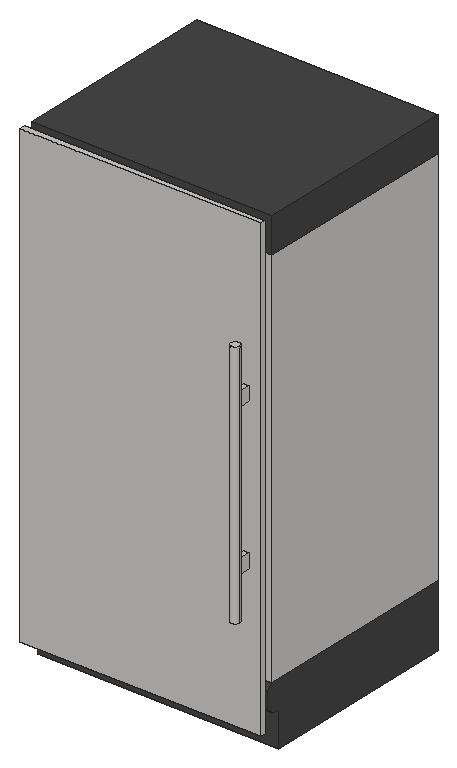
Revit family "Refrigerator", category Specialty Equipment, Revit 2023
Family settings
  Round Connector Dimension = Use Diameter
  Part Type = Normal
  OmniClass Number = 23.40.40.14
  OmniClass Title = Food Service Equipment
  Work Plane-Based = No
  Enable Cutting in Views = No
  Always vertical = Yes
  Cut with Voids When Loaded = No
  Maintain Annotation Orientation = No
  Shared = Yes
  Room Calculation Point = No
Parameters (values of type "35" x 32" RH")
  Wall Offset = 0' - 4"
  Voltage = 120 V
  URL = ""
  Type Comments = ""
  Show Label = yes
  RH = no
  Power Consumption = 1000 VA
  Model = ""
  Mechanical Finish = Appliance - Steel - Black
  Manufacturer = ""
  Label = "REF."
  LH = not(RH)  # yes
  Keynote = ""
  Handle Centerline = if(RH, 0' 2", (Width - 0' 2"))  # 2' - 8 1/2"
  Gasket = Appliance - Gasket
  Description = "Refrigerator"
  Default Elevation = 0' - 0"
  Cost = 0
  Assembly Code = "E1090400"
  Depth = 2' - 7 3/4"
  Height = 5' - 10"
  Width = 2' - 10 1/2"
  Appliance Finish = Appliance - Stainless Steel
  Amperage = Power Consumption / Voltage  # 8.33333 A
Types (8): name | Show Label | RH | Label | LH | Handle Centerline | Assembly Code | Depth | Height | Width
  35" x 32" RH | yes | no | "REF." | yes | 2' - 8 1/2" | "E1090400" | 2' - 7 3/4" | 5' - 10" | 2' - 10 1/2"
  35" x 32" LH | yes | no | "REF." | yes | 2' - 8 1/2" | "E1090400" | 2' - 7 3/4" | 5' - 10" | 2' - 10 1/2"
  24" x 25" RH | yes | no | "REF." | yes | 1' - 9 1/2" | "E1090400" | 2' - 0 3/4" | 5' - 3 1/2" | 1' - 11 1/2"
  24" x 25" LH | yes | no | "REF." | yes | 1' - 9 1/2" | "E1090400" | 2' - 0 3/4" | 5' - 3 1/2" | 1' - 11 1/2"
  30" x 32" LH | yes | no | "REF." | yes | 2' - 3 3/8" | "E1090400" | 2' - 7 3/4" | 5' - 10" | 2' - 5 3/8"
  30" x 32" RH | yes | no | "REF." | yes | 2' - 3 3/8" | "E1090400" | 2' - 7 3/4" | 5' - 10" | 2' - 5 3/8"
  36" LH | yes | no | "Refrigerator" | yes | 2' - 10" | "E1090320" | 2' - 0" | 7' - 0" | 3' - 0"
  30" RH | no | yes | "Refrigerator" | no | 0' - 2" | "E1090320" | 2' - 0" | 7' - 0" | 2' - 6"
Reference planes (in)
  plane 1 "Back": y = 0
  plane 2: z = 0
  plane 3 "Center (Left/Right)": x = 0
  plane 4 "Left": x = -17.25
  plane 5 "Right": x = 17.25
  plane 6: y = -4
  plane 7 "Front": y = -35.75
  plane 8 "Door Back": y = -33.75
  plane 9 "Top": z = 70
  plane 10 "B.O. Door": z = 4
  plane 11: z = 65
  plane 12: x = 15.25
  plane 13: z = 54.5
  plane 14: z = 19
  plane 15 "Door Interior Bottom": z = 10
Forms (in)
  Extrusion 1, solid, material "Appliance - Stainless Steel" <- "Appliance Finish"
    sketch origin (0, 0, 0) x (1, 0, 0) y (0, 1, 0)
      loop
        line (-17.25, -4) -> (-17.25, -33.75) -> (17.25, -33.75) -> (17.25, -4) -> (-17.25, -4)
    from 10 to 65
  Extrusion 2, solid, material "Appliance - Stainless Steel" <- "Appliance Finish", detail levels fine
    sketch origin (0, -35.75, 0) x (-1, 0, 0) y (0, 0, 1)
      loop
        line (-14.875, 48.5) -> (-15.625, 48.5) -> (-15.625, 46.5) -> (-14.875, 46.5) -> (-14.875, 48.5)
      loop
        line (-14.875, 27) -> (-15.625, 27) -> (-15.625, 25) -> (-14.875, 25) -> (-14.875, 27)
    from -1.67554 to 0
  Extrusion 3, solid, material "Appliance - Stainless Steel" <- "Appliance Finish", detail levels fine
    sketch origin (0, 0, 0) x (1, 0, 0) y (0, 1, 0)
      loop
        circle (15.25, -37.76473) r 0.625
    from 19 to 54.5
  Extrusion 4, solid, material "Appliance - Stainless Steel" <- "Appliance Finish"
    sketch origin (0, -35.75, 0) x (-1, 0, 0) y (0, 0, 1)
      loop
        line (17.25, 70) -> (-17.25, 70) -> (-17.25, 4) -> (17.25, 4) -> (17.25, 70)
    from 0 to 0.75
  Extrusion 5, solid, material "Appliance - Steel - Black" <- "Mechanical Finish"
    sketch origin (0, 0, 0) x (0, 1, 0) y (0, 0, 1)
      loop
        line (-4, 10) -> (-33.75, 10) -> (-34.5, 9.25) -> (-34.5, 6.875) -> (-33.625, 6) -> (-32.5, 6) -> (-32.5, 1) -> (-4, 1) -> (-4, 10)
      loop
        line (-4, 70) -> (-33.75, 70) -> (-33.75, 65) -> (-4, 65) -> (-4, 70)
    from -17.25 to 17.25
  Extrusion 6, solid, material "Appliance - Gasket" <- "Gasket"
    sketch origin (0, 0, 10) x (-1, 0, 0) y (0, -1, 0)
      loop
        line (16.75, 35) -> (-16.75, 35) -> (-16.75, 34.8125)
        arc (-16.75, 34.8125) -> (-16.73169, 34.76831) -> (-16.6875, 34.75) r 0.0625
        line (-16.6875, 34.75) -> (-16.5625, 34.75)
        arc (-16.5625, 34.75) -> (-16.51831, 34.73169) -> (-16.5, 34.6875) r 0.0625
        line (-16.5, 34.6875) -> (-16.5, 34.0625)
        arc (-16.5, 34.0625) -> (-16.48169, 34.01831) -> (-16.4375, 34) r 0.0625
        line (-16.4375, 34) -> (-16.25, 34)
        arc (-16.25, 34) -> (-16.375, 33.875) -> (-16.25, 33.75) r 0.125
        line (-16.25, 33.75) -> (16.25, 33.75)
        arc (16.25, 33.75) -> (16.375, 33.875) -> (16.25, 34) r 0.125
        line (16.25, 34) -> (16.4375, 34)
        arc (16.4375, 34) -> (16.48169, 34.01831) -> (16.5, 34.0625) r 0.0625
        line (16.5, 34.0625) -> (16.5, 34.6875)
        arc (16.5, 34.6875) -> (16.51831, 34.73169) -> (16.5625, 34.75) r 0.0625
        line (16.5625, 34.75) -> (16.6875, 34.75)
        arc (16.6875, 34.75) -> (16.73169, 34.76831) -> (16.75, 34.8125) r 0.0625
        line (16.75, 34.8125) -> (16.75, 35)
    from 0 to 55
Cuts and joins
  joined: Extrusion 2, Extrusion 3
Lines and regions (in)
  Split face 1
    outline origin (-17.25, -4, 0) x (1, 0, 0) y (0, 0, -1)
      loop
        circle (17.25, -19) r 0.5
  Masking region 1
    outline origin (0, 0, 0) x (1, 0, 0) y (0, 1, 0)
      loop
        line (-17.25, -4) -> (-17.25, -35.75) -> (17.25, -35.75) -> (17.25, -4) -> (-17.25, -4)
  Masking region 2, detail levels fine
    outline origin (0, 0, 0) x (1, 0, 0) y (0, 1, 0)
      loop
        line (15.625, -37.26473) -> (15.625, -35.75) -> (14.875, -35.75) -> (14.875, -37.26473)
        arc (14.875, -37.26473) -> (14.69098, -37.48522) -> (14.625, -37.76473) r 0.625
        arc (14.625, -37.76473) -> (15.25, -38.38973) -> (15.875, -37.76473) r 0.625
        arc (15.875, -37.76473) -> (15.80902, -37.48522) -> (15.625, -37.26473) r 0.625
  Split face 2
    outline origin (-17.25, -4, 0) x (1, 0, 0) y (0, 0, -1)
      loop
        circle (25.5, -54.5) r 0.5
  symbolic lines, style "Appliances - Plan Swing", visible <- "LH", detail levels medium+fine
    curve 1: arc (17.25, -35.75, 0) -> (7.14518, -60.14518, 0) -> (-17.25, -70.25, 0) r 34.5
    curve 2: line (-17.25, -35.75, 0) -> (-17.25, -70.25, 0)
  symbolic lines, style "Appliances - Plan Swing", visible <- "RH", detail levels medium+fine
    curve 3: arc (-17.25, -35.75, 0) -> (-7.14518, -60.14518, 0) -> (17.25, -70.25, 0) r 34.5
    curve 4: line (17.25, -70.25, 0) -> (17.25, -35.75, 0)
  symbolic lines, style "Appliances"
    curve 5: line (-17.25, -4, 0) -> (17.25, -4, 0)
    curve 6: line (-17.25, -35.75, 0) -> (-17.25, -4, 0)
    curve 7: line (17.25, -35.75, 0) -> (-17.25, -35.75, 0)
    curve 8: line (17.25, -4, 0) -> (17.25, -35.75, 0)
    curve 9: line (-17.25, -33.75, 0) -> (17.25, -33.75, 0)
  symbolic lines, style "Appliances", detail levels fine
    curve 10: arc (15.875, -37.76473, 0) -> (15.25, -37.13973, 0) -> (14.625, -37.76473, 0) r 0.625
    curve 11: arc (14.625, -37.76473, 0) -> (15.25, -38.38973, 0) -> (15.875, -37.76473, 0) r 0.625
    curve 12: line (15.625, -37.26473, 0) -> (15.625, -35.75, 0)
    curve 13: line (14.875, -35.75, 0) -> (14.875, -37.26473, 0)
Dimensions and locks (in)
  equal spacing: plane 4 "Left", plane 3 "Center (Left/Right)", plane 5 "Right"
  "Width": plane 4 "Left" to plane 5 "Right"
  "Depth": plane 6 to plane 7 "Front"
  "Wall Offset": plane 1 "Back" to plane 6
  "Height": plane 9 "Top" to level
  plane 10 "B.O. Door" to level = 0' - 4"
  locked: plane 8 "Door Back" to plane 7 "Front" at 2
  plane 9 "Top" to plane 11 = 0' - 5"
  locked: plane 11 to plane 13 at 10.5
  locked: plane 14 to plane 10 "B.O. Door" at 15
  Extrusion 2 sketch curve to plane 12 to Extrusion 2 sketch curve = 0' - 0 3/8" locked, 0' - 0 3/8" locked  (x2)
  plane 13 to Extrusion 2 sketch curve to Extrusion 2 sketch curve = 0' - 6" locked, 0' - 2" locked
  Extrusion 2 sketch curve to Extrusion 2 sketch curve to plane 14 = 0' - 2" locked, 0' - 6" locked
  locked: plane 7 "Front" to Extrusion 3 sketch curve at 2.01473
  "Handle Centerline": plane 4 "Left" to plane 12
  equal spacing: plane 6, nested 1, plane 8 "Door Back"
  locked: plane 15 "Door Interior Bottom" to level at 10
  Extrusion 5 sketch curve to plane 10 "B.O. Door" to Extrusion 5 sketch curve = 0' - 2" locked, 0' - 3" locked
  Extrusion 5 sketch curve to plane 8 "Door Back" to Extrusion 5 sketch curve = 0' - 1 1/4" locked, 0' - 0 3/4" locked
  "Width": radius of curve 3
  "Width": radius of curve 1
  aligned and locked: plane 2 to level
  aligned and locked: Extrusion 1 sketch curve to plane 6
  aligned and locked: plane 4 "Left" to Extrusion 1 sketch curve
  aligned and locked: plane 8 "Door Back" to Extrusion 1 sketch curve
  aligned and locked: Extrusion 1 sketch curve to plane 5 "Right"
  aligned and locked: plane 7 "Front" to Extrusion 2
  aligned and locked: plane 12 to Extrusion 3 sketch curve
  aligned and locked: Extrusion 3 to plane 14
  aligned and locked: plane 13 to Extrusion 3
  aligned and locked: plane 3 "Center (Left/Right)" to Split face 1 sketch curve
  aligned and locked: plane 13 to cut or joined group of Extrusion 2, Extrusion 3
  aligned and locked: plane 4 "Left" to Extrusion 4 sketch curve
  aligned and locked: Extrusion 4 sketch curve to plane 5 "Right"
  aligned and locked: plane 10 "B.O. Door" to Extrusion 4 sketch curve
  aligned and locked: plane 3 "Center (Left/Right)" to nested 1
  aligned and locked: Masking region 1 sketch curve to plane 5 "Right"
  aligned and locked: Masking region 1 sketch curve to plane 6
  aligned and locked: plane 4 "Left" to Masking region 1 sketch curve
  aligned and locked: plane 7 "Front" to Masking region 1 sketch curve
  aligned and locked: Masking region 2 sketch curve to cut or joined group of Extrusion 2, Extrusion 3  (x5)
  aligned and locked: Masking region 2 sketch curve to plane 7 "Front"
  aligned and locked: Extrusion 4 sketch curve to plane 9 "Top"
  aligned and locked: plane 14 to Split face 1 sketch curve
  aligned and locked: Extrusion 1 to plane 15 "Door Interior Bottom"
  aligned and locked: plane 6 to Extrusion 5 sketch curve  (x2)
  aligned and locked: plane 15 "Door Interior Bottom" to Extrusion 5 sketch curve
  aligned and locked: plane 5 "Right" to Extrusion 5
  aligned and locked: Extrusion 5 to plane 4 "Left"
  aligned and locked: plane 11 to Extrusion 1
  aligned and locked: plane 9 "Top" to Extrusion 5 sketch curve
  aligned and locked: Extrusion 5 sketch curve to Extrusion 1  (x2)
  aligned and locked: plane 11 to Extrusion 6
Automatic sketch dimensions
  Extrusion 5 sketch curve to plane 8 "Door Back" = 0' - 0"
  plane 8 "Door Back" to Extrusion 5 sketch curve = 0' - 0 1/8"
  Extrusion 5 sketch curve to Extrusion 5 sketch curve = 0' - 0 7/8"
  Extrusion 5 sketch curve to plane 15 "Door Interior Bottom" = 0' - 0 3/4"
  Extrusion 6 sketch curve to plane 8 "Door Back" = 0' - 0"
  Extrusion 6 sketch curve to plane 5 "Right" = 0' - 0 1/2"
  Extrusion 6 sketch curve to Extrusion 6 sketch curve = 0' - 0 1/16"  (x6)
  Extrusion 6 sketch curve to Extrusion 6 sketch curve = 0' - 0 1/8"  (x2)
  Extrusion 6 sketch curve to plane 8 "Door Back" = 0' - 0 5/16"
  Extrusion 6 sketch curve to Extrusion 6 sketch curve = 0' - 0 3/16"  (x3)
  Extrusion 6 sketch curve to plane 8 "Door Back" = 0' - 0 1/8"
  plane 4 "Left" to Extrusion 6 sketch curve = 0' - 1"
  Extrusion 6 sketch curve to Extrusion 6 sketch curve = 0' - 0 5/8"  (x2)
  Split face 2 sketch curve to Extrusion 1 = 0' - 9"
  Split face 2 sketch curve to Extrusion 1 = 0' - 10 1/2"
  curve 1 to plane 4 "Left" = 0' - 0"
  curve 13 to plane 7 "Front" = 0' - 0"
  curve 11 to plane 12 = 0' - 0"
  curve 9 to plane 8 "Door Back" = 0' - 0"
  curve 5 to plane 6 = 0' - 0"
  curve 11 to plane 7 "Front" = 0' - 2.01473"
  curve 11 to curve 10 = 0' - 0 5/8"
  curve 13 to plane 12 = 0' - 0 3/8"
  plane 12 to curve 12 = 0' - 0 3/8"
  radius of Extrusion 3 sketch curve = 0' - 0 5/8"
  radius of Split face 1 sketch curve = 0' - 0 1/2"
  radius of Split face 2 sketch curve = 0' - 0 1/2"
Nested families (in)
  nested 1: "Label Annotation 3-32" at (0, -18.875, 0), visible <- "Show Label", type "Label Annotation 3-32"
Connectors (in)
  piping at (0, -4, 19), diameter 0.25
    settings: on Extrusion 1, index 2, connector inside diameter 24", connector length 0' - 0", flow factor 0, pipe flow 0 GPM, pressure drop 0.00 psi, fitting loss kfactor 0, connector angle 0.00°, fixture units 1, engagement length 0' - 0", angle of deflection 0.00°, flow configuration 3, flow direction 1, fitting loss method 0, system type 20, joint type 0, gender type 0, connector reference index -1, connector utility 0, adjustable connector no, is connector primary yes, connector description "Ice - Water Supply"
  electrical at (8.25, -4, 54.5), driven by "Voltage", driven by "Power Consumption"
    settings: on Extrusion 1, index 3, voltage 120 V, apparent load 1000 VA, apparent load phase1 0 VA, apparent load phase2 0 VA, apparent load phase3 0 VA, power factor 1, load classification "Appliance", number of poles 1, system type 30, power factor state 1, is connector primary yes, connector utility no, sub classification motor no, connector description "Refrigerator Power"
Definition of nested family "Label Annotation 3-32"
  Parameters
    Label = "Freezer 36 LH"
  Reference planes (in)
    plane 1: y = 0
    plane 2: x = 0
  Text (in)
    label "Label" at (0.00375, -0.00345, 0), shows "Label"
